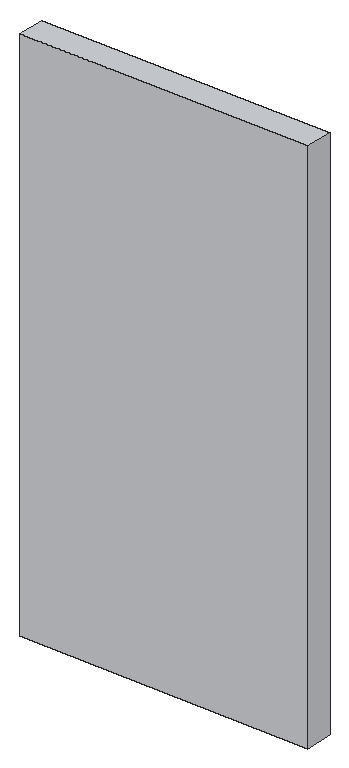
Revit family "Rio 2700K", category Lighting Fixtures, host Face, Revit 2018
Family settings
  Host = Face
  Round Connector Dimension = Use Diameter
  Part Type = Normal
  OmniClass Number = 23.80.70.00
  OmniClass Title = Lighting
  Cut with Voids When Loaded = No
  Light Source = Yes
  Shared = No
  Room Calculation Point = No
Parameters (values of type "Rio 190 2700K (CE)")
  Width = 190.00 mm
  Weight = "2.75 kg"
  Wattage Comments = "16.6"
  Wattage = 16.6 W
  Wall Bracket Height = 224.00 mm
  built-in parameter 1150110 = 1 (stored number, unit not read)
  Voltage = 230 V
  URL = "www.astrolighting.co.uk"
  Type Comments = "Includes integrated 1-10v dimmable driver"
  built-in parameter 1114217 = 1 (stored number, unit not read)
  Tilt Angle = 90.00°
  built-in parameter 1150109 = 1 (stored number, unit not read)
  built-in parameter 1150134 = (empty or 0)
  built-in parameter 1150113 = 1 (stored number, unit not read)
  Suitable for bathroom zone = "Zone 3"
  Product Documentation = "http://www.astrolighting.co.uk/products\r\n/kw/7173/7173_Rio-190\r\n/kw/RIO/7172_Rio-325"
  Photometric Web File = "GNC-19601  8054 - Rio 190 LED 2700K Phase Dimmable ies.ies"
  Number of Poles = 1
  Mountable on normally flammable surfaces = "Yes"
  Model = "7173 Rio 190"
  Manufacturer = "Astro Lighting Ltd, CM20 2DP"
  built-in parameter 1150105 = 130.78 (stored number, unit not read)
  Lumens = 1643.4 lm
  Luminaire Lamp Efficiency Rating = "A"
  built-in parameter 1150115 = 1 (stored number, unit not read)
  Light Source From Wall = 30.00 mm
  Light Source Elevation = 1600.00 mm
  built-in parameter 1150137 = (empty or 0)
  built-in parameter 1150139 = (empty or 0)
  Length = 55.00 mm
  Lamp included = "Yes"
  built-in parameter 1150112 = 1 (stored number, unit not read)
  built-in parameter 1150114 = 1 (stored number, unit not read)
  Lamp = "LED"
  built-in parameter 1150132 = (empty or 0)
  built-in parameter 1150102 = (empty or 0)
  built-in parameter 1150107 = 2700 (stored number, unit not read)
  built-in parameter 1150138 = (empty or 0)
  built-in parameter 1150106 = 1.3078 (stored number, unit not read)
  IP Rating = "IP20"
  Height = 325.00 mm
  Wall Bracket Material = Astro - Aluminium - Anodised
  Energy Efficiency Rating = "N/A"
  Emit from Rectangle Width = Diffuser Width  # 168.00 mm
  Emit from Rectangle Length = Diffuser Length  # 22.00 mm
  Emit Shape Visible in Rendering = no
  built-in parameter 1150104 = 9.1974 (stored number, unit not read)
  Dimming Lamp Color Temperature Shift = <None>
  Dimmable = "See Datasheet"
  Diffuser Length = 22.00 mm
  Diffuser Width = 168.00 mm
  Description = "Wall light"
  Default Elevation [instance] = 1700.00 mm
  Color Filter = 16777215
  Class = 1
  Casing Material = Astro - Plaster - Natural
  Cable Entry Placer (from right) = 95.00 mm
  Cable Entry Placer (from bottom) = 91.00 mm
  Manufacturer Contact = "01279 427001"
  built-in parameter 1114218 = 1 (stored number, unit not read)
  built-in parameter 1150133 = 10 (stored number, unit not read)
  Assembly Code = "D5020200"
  Apparent Load = 17.3 VA
Types (2, lengths in mm): name | Width | Wattage Comments | Wattage | Wall Bracket Height | Photometric Web File | Model | built-in parameter 1150105 | Lumens | built-in parameter 1150106 | Height | Emit from Rectangle Width | Emit from Rectangle Length | built-in parameter 1150104 | Dimmable | Diffuser Length | Diffuser Width | Cable Entry Placer (from right) | Cable Entry Placer (from bottom) | Apparent Load
  Rio 325 2700K (CE) | 325.00 | "16.4" | 16.4 W | 80.00 | "GNC-19600  8053 - Rio 325 LED 2700K Phase Dimmable  ies.ies" | "7172 Rio 325" | 123.98 (stored number, unit not read) | 1558 lm | 1.2398 (stored number, unit not read) | 180.00 | 304.00 | 25.00 | 8.8258 (stored number, unit not read) | "See datasheet" | 25.00 | 304.00 | 80.50 | 90.00 | 17 VA
  Rio 190 2700K (CE) | 190.00 | "16.6" | 16.6 W | 224.00 | "GNC-19601  8054 - Rio 190 LED 2700K Phase Dimmable ies.ies" | "7173 Rio 190" | 130.78 (stored number, unit not read) | 1643.4 lm | 1.3078 (stored number, unit not read) | 325.00 | 168.00 | 22.00 | 9.1974 (stored number, unit not read) | "See Datasheet" | 22.00 | 168.00 | 95.00 | 91.00 | 17.3 VA
Reference planes
  plane 1: y = -75
  plane 2 "Light Source Axis (L/R)": x = 125
  plane 3 "Light Source Axis (F/R)": y = 30
  plane 4 "Light Source Elevation": z = 1600
  plane 5: y = -150
  plane 6 "Center (Elevation)": z = 1600
  plane 7: z = 0
  plane 8 "Top": z = 1762.5
  plane 9 "Bottom": z = 1437.5
  plane 10 "Left": x = 220
  plane 11 "Right": x = 30
  plane 12 "Front": y = 55
  plane 13: y = 0
  plane 14: z = 1488
  plane 15: x = 209
  plane 16: x = 41
  plane 17: y = 45
  plane 18: z = 1712
  plane 19: z = 1722.5
  plane 20: z = 1477.5
Forms (mm)
  Extrusion 1, solid
    sketch origin (140, -150, 1500) x (0, 0, 1) y (1, 0, 0)
      loop
        line (-1500, -800) -> (1500, -800) -> (1500, 800) -> (-1500, 800) -> (-1500, -800)
    from 0 to 150
  Extrusion 2, solid, material "Astro - Plaster - Natural" <- "Casing Material"
    sketch origin (1573.638, 225, 1600) x (1, 0, 0) y (0, 1, 0)
      loop
        line (-1543.638, -170) -> (-1543.638, -225) -> (-1532.638, -225) -> (-1532.638, -180) -> (-1364.638, -180) -> (-1364.638, -225) -> (-1353.638, -225) -> (-1353.638, -170) -> (-1543.638, -170)
    from -162.5 to 162.5
  Extrusion 3, solid, material "Astro - Aluminium - Anodised" <- "Wall Bracket Material"
    sketch origin (125, 0, 0) x (0, 1, 0) y (0, 0, 1)
      loop
        line (20, 1712) -> (3.5, 1712) -> (0, 1708.5) -> (0, 1491.5) -> (3.5, 1488) -> (20, 1488) -> (20, 1712)
    from -84 to 84
  Extrusion 4, solid, material "Astro - Glass - Sandblasted"
    sketch origin (125, 0, 0) x (0, 1, 0) y (0, 0, 1)
      loop
        line (45, 1722.5) -> (23, 1722.5) -> (23, 1719.5) -> (45, 1719.5) -> (45, 1722.5)
      loop
        line (45, 1477.5) -> (45, 1480.5) -> (23, 1480.5) -> (23, 1477.5) -> (45, 1477.5)
    from -84 to 84
  Extrusion 5, void
    sketch origin (-969.65, 0, 4000) x (1, 0, 0) y (0, 0, 1)
      loop
        circle (1094.65, -2471.5) r 7
    from 0 to -20
  Extrusion 6, solid, not visible
    sketch origin (-969.65, 0, 4000) x (-1, 0, 0) y (0, 0, 1)
      loop
        circle (-1094.65, -2471.5) r 7
    from 0 to 23
Cuts and joins
  Extrusion 5 cuts Extrusion 3
Text (mm)
  text "Placement side" at (-1787.139, 1116.779, 0), in view "Ref. Level"
  text "Placement side" at (0, 2110.396, 2986.058), in view "Left"
  text "Placement side" at (0, 628.478, 3011.967), in view "Right"
Dimensions and locks
  equal spacing: plane 9 "Bottom", plane 6 "Center (Elevation)", plane 8 "Top"
  "Height": plane 9 "Bottom" to plane 8 "Top"
  equal spacing: plane 11 "Right", plane 2 "Light Source Axis (L/R)", plane 10 "Left"
  "Width": plane 11 "Right" to plane 10 "Left"
  locked: plane 1 to plane 13 at 75
  "Length": plane 12 "Front" to plane 13
  "Light Source From Wall": plane 3 "Light Source Axis (F/R)" to plane 13
  "Light Source Elevation": plane 7 to plane 4 "Light Source Elevation"
  locked: plane 12 "Front" to plane 17 at 10
  "Wall Bracket Height": plane 14 to plane 18
  equal spacing: plane 14, plane 6 "Center (Elevation)", plane 18
  locked: plane 19 to plane 8 "Top" at 40
  locked: plane 9 "Bottom" to plane 20 at 40
  equal spacing: plane 16, plane 2 "Light Source Axis (L/R)", plane 15
  "Diffuser Width": plane 16 to plane 15
  locked: plane 19 to Extrusion 4 sketch curve at 3
  locked: Extrusion 4 sketch curve to plane 20 at 3
  "Diffuser Length": plane 17 to Extrusion 4 sketch curve  (x2)
  locked: plane 17 to Extrusion 3 sketch curve at 25
  "Cable Entry Placer (from right)": plane 11 "Right" to Extrusion 6 sketch curve
  "Cable Entry Placer (from bottom)": Extrusion 6 sketch curve to plane 9 "Bottom"
  "Cable Entry Placer (from right)": plane 11 "Right" to Extrusion 5 sketch curve
  "Cable Entry Placer (from bottom)": Extrusion 5 sketch curve to plane 9 "Bottom"
  aligned and locked: Extrusion 2 to plane 9 "Bottom"
  aligned and locked: plane 8 "Top" to Extrusion 2
  aligned and locked: Extrusion 2 to plane 10 "Left"
  aligned and locked: plane 11 "Right" to Extrusion 2
  aligned and locked: plane 12 "Front" to Extrusion 2
  aligned and locked: Extrusion 2 sketch curve to plane 16
  aligned and locked: plane 17 to Extrusion 2 sketch curve
  aligned and locked: plane 15 to Extrusion 2 sketch curve
  aligned and locked: plane 18 to Extrusion 3 sketch curve
  aligned and locked: Extrusion 3 sketch curve to plane 14
  aligned and locked: Extrusion 3 sketch curve to plane 13
  aligned and locked: Extrusion 4 sketch curve to plane 19
  aligned and locked: plane 20 to Extrusion 4 sketch curve
  aligned and locked: plane 17 to Extrusion 4 sketch curve  (x2)
  aligned and locked: plane 16 to Extrusion 4
  aligned and locked: Extrusion 4 to plane 15
  aligned and locked: plane 16 to Extrusion 3
  aligned and locked: Extrusion 3 to plane 15
  aligned and locked: plane 13 to Extrusion 5
  aligned and locked: Extrusion 3 to Extrusion 5
  aligned and locked: Extrusion 6 to plane 13
  aligned and locked: Extrusion 6 to Extrusion 4
  aligned and locked: imposter light to plane 4 "Light Source Elevation"
  aligned and locked: imposter light to plane 2 "Light Source Axis (L/R)"
  aligned and locked: plane 3 "Light Source Axis (F/R)" to imposter light
Automatic sketch dimensions
  Extrusion 1 sketch curve to Extrusion 1 sketch curve = 3000.00 mm
  Extrusion 1 sketch curve to Extrusion 1 sketch curve = 1600.00 mm
  Extrusion 2 sketch curve to plane 11 "Right" = 0.00 mm
  Extrusion 2 sketch curve to plane 13 = 0.00 mm  (x2)
  Extrusion 2 sketch curve to plane 10 "Left" = 0.00 mm
  Extrusion 2 sketch curve to plane 12 "Front" = 0.00 mm
  plane 13 to Extrusion 3 sketch curve = 3.50 mm  (x2)
  plane 14 to Extrusion 3 sketch curve = 3.50 mm
  Extrusion 3 sketch curve to plane 18 = 3.50 mm
  radius of Extrusion 5 sketch curve = 7.00 mm
  radius of Extrusion 6 sketch curve = 7.00 mm
Connectors
  electrical at (125, 0, 1528.5), driven by "Number of Poles", driven by "Voltage", driven by "Apparent Load"
    settings: on Extrusion 6, index 1, voltage 230 V, apparent load 0 VA, apparent load phase1 17.3 VA, apparent load phase2 0 VA, apparent load phase3 0 VA, power factor 1, load classification "Other", number of poles 1, system type 31, power factor state 1, is connector primary yes, connector utility no, sub classification motor no, connector description ""
